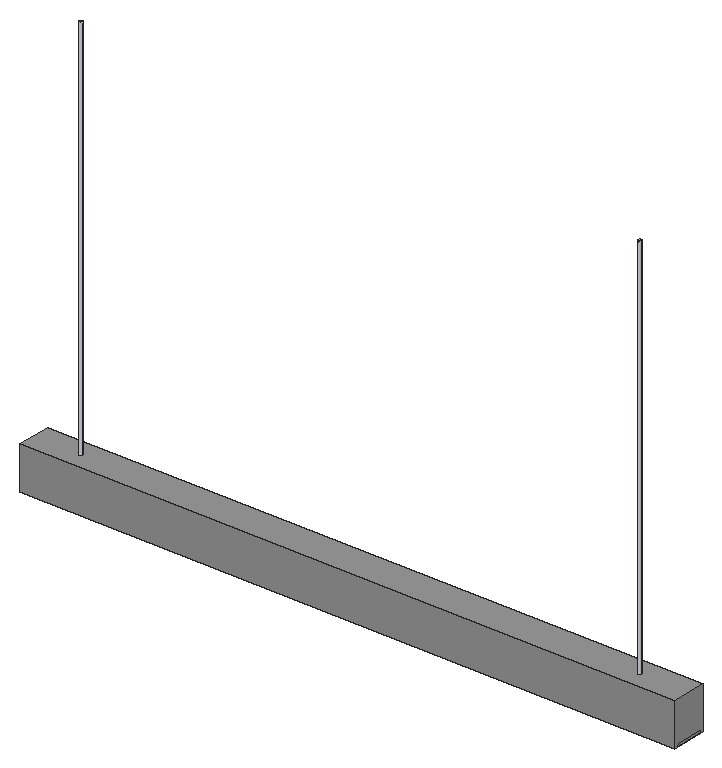
Revit family "HALIMALED_31_1200MM_3000k", category Lighting Fixtures, host Ceiling, Revit 2021
Family settings
  Host = Ceiling
  Round Connector Dimension = Use Diameter
  Part Type = Normal
  OmniClass Number = 23.80.70.11
  OmniClass Title = Luminaries for Internal Lighting
  Always vertical = Yes
  Cut with Voids When Loaded = No
  Light Source = Yes
  Shared = No
  Room Calculation Point = No
Parameters (values of type "Type 1")
  Wattage = 26.0532 W
  built-in parameter 1150110 = 1 (stored number, unit not read)
  Type de lampe = "LED Sanan"
  Type = "Profilé en saillie/suspension"
  built-in parameter 1114217 = 1 (stored number, unit not read)
  Tilt Angle = 90.00°
  Tension = "AC 220-240V"
  built-in parameter 1150109 = 1 (stored number, unit not read)
  built-in parameter 1150134 = (empty or 0)
  built-in parameter 1150113 = 1 (stored number, unit not read)
  SDCM = "<3"
  Puissance nominale = "40W"
  Photometric Web File = "google_eulumdat_converter (3).ies"
  Matériau = "Aluminium anodisé"
  Maintien du flux = "L80B10 (50 000 heures)"
  Lumens = 3870 lm
  built-in parameter 1150115 = 1 (stored number, unit not read)
  built-in parameter 1150105 = 307.96 (stored number, unit not read)
  built-in parameter 1150137 = (empty or 0)
  built-in parameter 1150139 = (empty or 0)
  built-in parameter 1150112 = 1 (stored number, unit not read)
  built-in parameter 1150114 = 1 (stored number, unit not read)
  built-in parameter 1150132 = 2
  built-in parameter 1150102 = (empty or 0)
  built-in parameter 1150138 = (empty or 0)
  built-in parameter 1150107 = 3000 (stored number, unit not read)
  built-in parameter 1150106 = 3.0796 (stored number, unit not read)
  IRC = ">80"
  Fintion = "Blanc"
  Emit from Line Length = 609.6 mm
  built-in parameter 1150104 = 13.8 (stored number, unit not read)
  Durée de vie = "50 000 heures"
  Driver = "Driver Tridonic en version 230V on/off et Boke en DALI"
  Dimming Lamp Color Temperature Shift = <None>
  Dimensions = "63x78 mm, L = 1200 mm"
  Diffuseur = "Capot diffusant microprismatique"
  Default Elevation = 0 mm
  Color Filter = 16777215
  built-in parameter 1114218 = 1 (stored number, unit not read)
  built-in parameter 1150133 = 10 (stored number, unit not read)
  Angle d'éclairage = "90°"
Reference planes
  plane 1 "Light Source Axis (F/B)": y = 0
  plane 2: z = 0
  plane 3 "Light Source Axis (L/R)": x = 0
  plane 4 "Ceiling": z = 4000
  plane 5 "Light Source Elevation": z = 3246.255
Forms (mm)
  Extrusion 1, solid, material "Aluminum, Anodized Blanc2"
    sketch origin (0, 0, 0) x (0, 1, 0) y (0, 0, 1)
      loop
        line (31.5, 3211) -> (31.5, 3289) -> (-31.5, 3289) -> (-31.5, 3211) -> (-26.5, 3211) -> (-26.5, 3286) -> (26.5, 3286) -> (26.5, 3211) -> (31.5, 3211)
    from -600 to 600
  Extrusion 2, solid, material "Aluminum, Anodized Blanc2"
    sketch origin (-895, 0, 0) x (1, 0, 0) y (0, 0, 1)
      loop
        line (1487.077, 3289) -> (1487.077, 3211) -> (1495, 3211) -> (1495, 3289) -> (1487.077, 3289)
      loop
        line (304.099, 3289) -> (295, 3289) -> (295, 3211) -> (304.099, 3211) -> (304.099, 3289)
    from -31.5 to 31.5
  Extrusion 3, solid, material "Glass, White, High Luminance"
    sketch origin (0, 0, 0) x (1, 0, 0) y (0, 0, 1)
      loop
        line (600, 3211) -> (600, 3214) -> (-600, 3214) -> (-600, 3211) -> (600, 3211)
    from -26.5 to 26.5
  Extrusion 4, solid
    sketch origin (-881.007, 0, 4000) x (0, -1, 0) y (1, 0, 0)
      loop
        circle (0, 1391.423) r 3
    from 0 to -711
  Extrusion 5, solid
    sketch origin (877.785, 0, 4000) x (0, 1, 0) y (-1, 0, 0)
      loop
        circle (0, 1391.423) r 3
    from 0 to -711
Cuts and joins
  joined: Extrusion 1, Extrusion 2
Lines and regions (mm)
  reference lines
    curve 1: line (0, 0, 3250) -> (0, 0, 3289)
    curve 2: line (-1500, 0, 3289) -> (-1500, 0, 3211)
    curve 3: line (0, 0, 3211) -> (0, -31.5, 3211)
    curve 4: line (0, -31.5, 3211) -> (0, -31.5, 3289)
    curve 5: line (0, -31.5, 3289) -> (0, 31.5, 3289)
    curve 6: line (0, 31.5, 3289) -> (0, 31.5, 3211)
    curve 7: line (0, 31.5, 3211) -> (0, 0, 3211)
    curve 8: line (0, 0, 3250) -> (-750, 0, 3250)
    curve 9: line (0, 0, 3250) -> (750, 0, 3250)
    curve 10: line (0, 0, 3246.255) -> (600, 0, 3246.255)
    curve 11: line (0, 0, 3246.255) -> (-600, 0, 3246.255)
Dimensions and locks
  equal spacing: host sketch curve, plane 3 "Light Source Axis (L/R)", host sketch curve
  equal spacing: host sketch curve, plane 1 "Light Source Axis (F/B)", host sketch curve
  host sketch curve to host sketch curve = 4000 mm  (x2)
  plane 4 "Ceiling" to host ceiling = 0 mm
  aligned and locked: plane 1 "Light Source Axis (F/B)" to imposter light
  aligned and locked: plane 5 "Light Source Elevation" to imposter light
